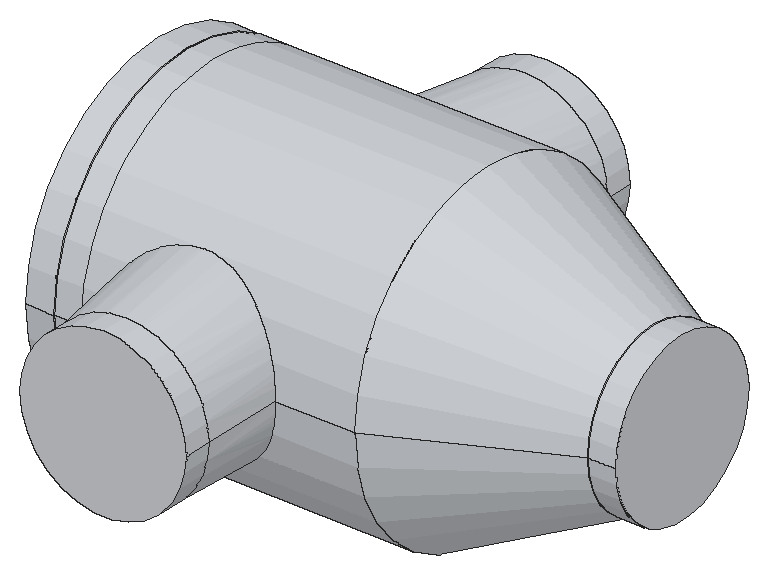
Revit family "1247470577164d45879d766d541ec680", category Duct Fittings, Revit 2021
Family settings
  Round Connector Dimension = Use Radius
  Part Type = Cross
  OmniClass Number = 23.75.70.14
  OmniClass Title = Air Ductwork
  Seek Item ID = Round Transition Low Loss Cross - 180 Degree - DTL-0000-USA-ENU
  Work Plane-Based = No
  Always vertical = Yes
  Cut with Voids When Loaded = No
  Shared = No
Parameters (values of type "Standard")
  Length 2 [instance] = if(Tap 2 Angle 1 < 90.00°, Tap 2 Base Center Radius / tan(Tap 2 Angle 1), if(Tap 2 Angle 1 = 90.00°, 0' 0", (Tap 2 Base Diameter - (Tap 2 Insertion Length 2 * sin(180.00° - Tap 2 Angle 1) + Tap 2 Radius)) / tan(180.00° - Tap 2 Angle 1)))  # 0"
  Length 1 [instance] = if(Tap 1 Angle 1 < 90.00°, Tap 1 Base Center Radius / tan(Tap 1 Angle 1), if(Tap 1 Angle 1 = 90.00°, 0' 0", (Tap 1 Base Diameter - (Tap 1 Insertion Length 2 * sin(180.00° - Tap 1 Angle 1) + Tap 1 Radius)) / tan(180.00° - Tap 1 Angle 1)))  # 0"
  Default Elevation = 0' - 0"
  Angle 2 [instance] = atan((Tap 2 Base Center Diameter - Tap 2 Base Diameter 1) / (Tap 2 Length 1 - Tap 2 Length))  # 9.46232°
  Angle 1 [instance] = atan((Tap 1 Base Center Diameter - Tap 1 Base Diameter 1) / (Tap 1 Length 1 - Tap 1 Length))  # 9.46232°
  Insertion Point Label [instance] = if(Tap 1 Insertion Length 1 > Tap 2 Insertion Length 1, (Tap 1 Insertion Length 1 - Tap 2 Insertion Length 1) / 2 + Tap 2 Insertion Length 1, (Tap 2 Insertion Length 1 - Tap 1 Insertion Length 1) / 2 + Tap 1 Insertion Length 1)  # 132"
  Tap 2 Insertion Length 1 [instance] = Tap 2 Inset Label + Tap 2 Insertion Length 2 + Tap 2 Length 3 - 10' 0" + 10' 0"  # 132"
  Tap 1 Insertion Length 1 [instance] = Tap 1 Inset Label + Tap 1 Insertion Length 2 + Tap 1 Length 3 - 10' 0" + 10' 0"  # 132"
  Tap 2 Length [instance] = 6"
  Tap 2 Inset Label [instance] = 10' 0" + if(Tap 2 Angle 1 < 90.00°, Tap 2 Inset 1, if(Tap 2 Angle 1 = 90.00°, Tap 2 Inset 2, Tap 2 Inset 3))  # 125 1/2"
  Tap 1 Inset Label [instance] = 10' 0" + if(Tap 1 Angle 1 < 90.00°, Tap 1 Inset 1, if(Tap 1 Angle 1 = 90.00°, Tap 1 Inset 2, Tap 1 Inset 3))  # 125 1/2"
  Tap 2 Inset 3 [instance] = if(Tap 2 Angle 1 > 90.00°, (Tap 2 Base Diameter 1 - Tap 2 Base Center Radius) / sin(180.00° - Tap 2 Angle 1) + Body Radius 1 / tan(180.00° - Tap 2 Angle 1), 0' 0")  # 0"
  Tap 2 Inset 2 [instance] = if(Tap 2 Angle 1 = 90.00°, Tap 2 Base Diameter 1 - Tap 2 Base Center Radius, 0' 0")  # 5 1/2"
  Tap 2 Inset 1 [instance] = if(Tap 2 Angle 1 < 90.00°, Tap 2 Base Center Diameter / 2 * sin(Tap 2 Angle 1) + Tap 2 Base Center Diameter / 2 * cos(Tap 2 Angle 1) / tan(Tap 2 Angle 1 - Angle 2) - Body Radius 1 / tan(Tap 2 Angle 1 - Angle 2), 0' 0")  # 0"
  Tap 1 Inset 3 [instance] = if(Tap 1 Angle 1 > 90.00°, (Tap 1 Base Diameter 1 - Tap 1 Base Center Radius) / sin(180.00° - Tap 1 Angle 1) + Body Radius 1 / tan(180.00° - Tap 1 Angle 1), 0' 0")  # 0"
  Tap 1 Inset 2 [instance] = if(Tap 1 Angle 1 = 90.00°, Tap 1 Base Diameter 1 - Tap 1 Base Center Radius, 0' 0")  # 5 1/2"
  Tap 2 Inset [instance] = 1"
  Tap 2 Collar Length [instance] = 2"
  Tap 2 Insertion Length 2 [instance] = if(Tap 2 Angle 1 = 90.00°, Tap 2 Base Center Radius - Tap 2 Radius, abs(Tap 2 Horizontal Profile Offset) / sin(Tap 2 Angle 1))  # 1 1/2"
  Tap 2 Horizontal Profile Offset [instance] = -(Tap 2 Base Center Radius - Tap 2 Radius)  # -1 1/2"
  Tap 1 Horizontal Profile Offset [instance] = Tap 1 Base Center Radius - Tap 1 Radius  # 1 1/2"
  Tap 1 Inset 1 [instance] = if(Tap 1 Angle 1 < 90.00°, Tap 1 Base Center Diameter / 2 * sin(Tap 1 Angle 1) + Tap 1 Base Center Diameter / 2 * cos(Tap 1 Angle 1) / tan(Tap 1 Angle 1 - Angle 1) - Body Radius 1 / tan(Tap 1 Angle 1 - Angle 1), 0' 0")  # 0"
  Tap 2 Radius [instance] = 6"
  Tap 2 Offset From Center 1 [instance] = 10' 0" - Tap 2 Offset From Center  # 120"
  Tap 2 Offset From Center [instance] = 0"
  Tap 2 Length 3 [instance] = Body Length 1 + Tap 2 Inset  # 5"
  Tap 2 Length 2 [instance] = Tap 2 Length 1 + Tap 2 Collar Length  # 20"
  Tap 2 Length 1 [instance] = Body Radius 1 / sin(Tap 2 Angle 1) + Tap 2 Length + Length 2  # 18"
  Tap 1 Length 3 [instance] = Body Length 1 + Tap 1 Inset  # 5"
  Tap 1 Inset [instance] = 1"
  Tap 1 Length 2 [instance] = Tap 1 Length 1 + Tap 1 Collar Length  # 20"
  Tap 1 Diameter 3 [instance] = if(Tap 1 Angle 1 > 90.00°, 2 * (Tap 1 Base Diameter 1 / 2 + (Tap 1 Base Diameter 1 - Tap 1 Diameter) * Body Radius 1 / (2 * sin(180.00° - Tap 1 Angle 1) * Tap 1 Length) + Tap 1 Base Diameter 1 * (Tap 1 Base Diameter 1 - Tap 1 Diameter) / (2 * tan(180.00° - Tap 1 Angle 1) * Tap 1 Length)) / (1 + (Tap 1 Base Diameter 1 - Tap 1 Diameter) / (2 * tan(180.00° - Tap 1 Angle 1) * Tap 1 Length)), 0' 0")  # 0"
  Tap 1 Diameter 2 [instance] = if(Tap 1 Angle 1 < 90.00°, 2 * (Tap 1 Base Diameter 1 / 2 + (Tap 1 Base Diameter 1 - Tap 1 Diameter) * Body Radius 1 / (2 * sin(Tap 1 Angle 1) * Tap 1 Length)) / (1 - (Tap 1 Base Diameter 1 - Tap 1 Diameter) / (2 * tan(Tap 1 Angle 1) * Tap 1 Length)), 0' 0")  # 0"
  Tap 1 Diameter 1 [instance] = if(Tap 1 Angle 1 = 90.00°, Body Radius 1 * tan(atan((Tap 1 Base Diameter 1 - Tap 1 Diameter) / Tap 1 Length)) + Tap 1 Base Diameter 1, 0' 0")  # 15"
  Tap 2 Diameter [instance] = Tap 2 Radius * 2  # 12"
  Tap 2 Diameter 3 [instance] = if(Tap 2 Angle 1 > 90.00°, 2 * (Tap 2 Base Diameter 1 / 2 + (Tap 2 Base Diameter 1 - Tap 2 Diameter) * Body Radius 1 / (2 * sin(180.00° - Tap 2 Angle 1) * Tap 2 Length) + Tap 2 Base Diameter 1 * (Tap 2 Base Diameter 1 - Tap 2 Diameter) / (2 * tan(180.00° - Tap 2 Angle 1) * Tap 2 Length)) / (1 + (Tap 2 Base Diameter 1 - Tap 2 Diameter) / (2 * tan(180.00° - Tap 2 Angle 1) * Tap 2 Length)), 0' 0")  # 0"
  Tap 2 Diameter 2 [instance] = if(Tap 2 Angle 1 < 90.00°, 2 * (Tap 2 Base Diameter 1 / 2 + (Tap 2 Base Diameter 1 - Tap 2 Diameter) * Body Radius 1 / (2 * sin(Tap 2 Angle 1) * Tap 2 Length)) / (1 - (Tap 2 Base Diameter 1 - Tap 2 Diameter) / (2 * tan(Tap 2 Angle 1) * Tap 2 Length)), 0' 0")  # 0"
  Tap 2 Diameter 1 [instance] = if(Tap 2 Angle 1 = 90.00°, Body Radius 1 * tan(atan((Tap 2 Base Diameter 1 - Tap 2 Diameter) / Tap 2 Length)) + Tap 2 Base Diameter 1, 0' 0")  # 15"
  Tap 2 Coarse Line Length [instance] = if(Tap 2 Angle 1 = 90.00°, Tap 2 Length 2, Tap 2 Length 2 - abs(Tap 2 Horizontal Profile Offset) / tan(Tap 2 Angle 1))  # 20"
  Body Radius 1 [instance] = if(Radius In > Radius Out, if(not(Body Radius < Radius In), Body Radius, Radius In), if(not(Body Radius < Radius Out), Body Radius, Radius Out))  # 12"
  Tap 1 Radius [instance] = 6"
  Radius Out [instance] = 6"
  Radius In [instance] = 12"
  Tap 1 Offset From Center 2 [instance] = if(Tap 1 Offset From Center = 0' 0", 0' 0 13/256", 0' 0 13/256")  # 13/256"
  Tap 1 Offset From Center 1 [instance] = 10' 0" - Tap 1 Offset From Center  # 120"
  Tap 1 Offset From Center [instance] = 0"
  Body Length 2 [instance] = Collar Out + Length Out 1  # 14"
  Length Out 1 [instance] = if(Length Out = 0' 0", 0' 0 1/16", Length Out)  # 12"
  Body Length 1 [instance] = Collar In + Length In 1  # 4"
  Length In 1 [instance] = if(Length In = 0' 0", 0' 0 1/16", Length In)  # 2"
  Collar Out [instance] = 2"
  Length Out [instance] = 12"
  Collar In [instance] = 2"
  Length In [instance] = 2"
  Tap 1 Length 1 [instance] = Body Radius 1 / sin(Tap 1 Angle 1) + Tap 1 Length + Length 1  # 18"
  Tap 1 Length [instance] = 6"
  Body Length [instance] = 19 3/4"
  Tap 1 Diameter [instance] = Tap 1 Radius * 2  # 12"
  Diameter Out [instance] = Radius Out * 2  # 12"
  Diameter In [instance] = Radius In * 2  # 24"
  Tap 1 Insertion Length 2 [instance] = if(Tap 1 Angle 1 = 90.00°, Tap 1 Base Center Radius - Tap 1 Radius, Tap 1 Horizontal Profile Offset / sin(Tap 1 Angle 1))  # 1 1/2"
  Tap 1 Coarse Line Length [instance] = if(Tap 1 Angle 1 = 90.00°, Tap 1 Length 2, Tap 1 Length 2 - Tap 1 Horizontal Profile Offset / tan(Tap 1 Angle 1))  # 20"
  Tap 1 Collar Length [instance] = 2"
  Tap 2 Base Radius 1 [instance] = if(Tap 2 Base Radius > Tap 2 Radius, Tap 2 Base Radius, Tap 2 Radius + 0' 1")  # 6 1/2"
  Tap 1 Base Radius 1 [instance] = if(Tap 1 Base Radius > Tap 1 Radius, Tap 1 Base Radius, Tap 1 Radius + 0' 1")  # 6 1/2"
  Body Radius [instance] = 12"
  Body Diameter [instance] = Body Radius * 2  # 24"
  Tap 2 Base Radius [instance] = 6 1/2"
  Tap 1 Base Radius [instance] = 6 1/2"
  Tap 2 Base Diameter 1 [instance] = Tap 2 Base Radius 1 * 2  # 13"
  Tap 1 Base Diameter 1 [instance] = Tap 1 Base Radius 1 * 2  # 13"
  Tap 2 Base Diameter [instance] = Tap 2 Base Radius * 2  # 13"
  Tap 1 Base Diameter [instance] = Tap 1 Base Radius * 2  # 13"
  Tap 2 Base Center Radius [instance] = Tap 2 Base Center Diameter / 2  # 7 1/2"
  Tap 1 Base Center Radius [instance] = Tap 1 Base Center Diameter / 2  # 7 1/2"
  Tap 2 Base Center Diameter [instance] = if(Tap 2 Angle 1 < 90.00°, Tap 2 Diameter 2, if(Tap 2 Angle 1 = 90.00°, Tap 2 Diameter 1, abs(Tap 2 Diameter 3)))  # 15"
  Tap 1 Base Center Diameter [instance] = if(Tap 1 Angle 1 < 90.00°, abs(Tap 1 Diameter 2), if(Tap 1 Angle 1 = 90.00°, abs(Tap 1 Diameter 1), abs(Tap 1 Diameter 3)))  # 15"
  Tap 2 Angle 1 [instance] = 90.00°
  Tap 1 Angle 1 [instance] = 90.00°
Reference planes (in)
  plane 1 "Center (Front/Back)": y = 0
  plane 2: z = 0
  plane 3 "Center (Left/Right)": x = 0
  plane 4: x = -8
  plane 5: x = 11.75
  plane 6: x = -10
  plane 7: x = -12
  plane 8: x = 23.75
  plane 9: x = 25.75
  plane 10: z = -120
  plane 11: z = 0
  plane 12: z = -0.05078
  plane 13: x = -1.5
  plane 14: x = -7
  plane 15: x = -127
  plane 16: z = 0
  plane 17: z = 0.05078
  plane 18: x = -1.5
  plane 19: x = -7
  plane 20: x = -127
  plane 21 "Coarse Line 1": x = 0
  plane 22 "Coarse Line 2": x = 0
  plane 23: x = -132
  plane 24: x = -9.96094
  plane 25: x = 23.71094
Forms (in)
  Sweep 1, solid, detail levels medium+fine
    path in 3D
      loop
        line (-12, 0, 0) -> (-9.96094, 0, 0)
    profile origin (-10.98047, 0, 0) x (0, 1, 0) y (0, 0, 1)
      loop
        circle (0, 0) r 12
  Sweep 2, solid, detail levels medium+fine
    path in 3D
      loop
        line (-8, 0, 0) -> (11.75, 0, 0)
    profile origin (1.875, 0, 0) x (0, 1, 0) y (0, 0, 1)
      loop
        circle (0, 0) r 12
  Sweep 3, solid, detail levels medium+fine
    path in 3D
      loop
        line (23.71094, 0, 0) -> (25.75, 0, 0)
    profile origin (24.73047, 0, 0) x (0, 1, 0) y (0, 0, 1)
      loop
        circle (0, 0) r 6
  SweptBlend 4, solid, detail levels medium+fine
    path in 3D
      loop
        line (-1.5, 0, 0) -> (-1.5, -18, 0)
    profile "Duct - Round : Duct - Base Center Radius 3" origin (-1.5, 0, 0) x (1, 0, 0) y (0, 0, 1)
      loop
        circle (0, 0) r 7.5
    end profile "Duct - Round : Duct - Round 3" origin (-1.5, -18, 0) x (1, 0, 0) y (0, 0, 1)
      loop
        circle (1.5, 0) r 6
  Sweep 5, solid, detail levels medium+fine
    path in 3D
      loop
        line (-1.5, 0, 0) -> (-1.5, -20, 0)
    profile "Duct - Round : Duct - Round 3" origin (-1.5, -10, 0) x (1, 0, 0) y (0, 0, 1)
      loop
        circle (1.5, 0) r 6
  SweptBlend 6, solid, detail levels medium+fine
    path in 3D
      loop
        line (-1.5, 0, 0) -> (-1.5, 18, 0)
    profile "Duct - Round : Duct - Base Center Radius 4" origin (-1.5, 0, 0) x (-1, 0, 0) y (0, 0, 1)
      loop
        circle (0, 0) r 7.5
    end profile "Duct - Round : Duct - Round 4" origin (-1.5, 18, 0) x (-1, 0, 0) y (0, 0, 1)
      loop
        circle (-1.5, 0) r 6
  Sweep 7, solid, detail levels medium+fine
    path in 3D
      loop
        line (-1.5, 0, 0) -> (-1.5, 20, 0)
    profile "Duct - Round : Duct - Round 4" origin (-1.5, 10, 0) x (-1, 0, 0) y (0, 0, 1)
      loop
        circle (-1.5, 0) r 6
  Blend 8, solid, detail levels medium+fine
    base sketch origin (0, 0, 0) x (0, 1, 0) y (0, 0, 1)
      loop
        circle (0, 0) r 12
    top sketch origin (0, 0, 0) x (0, 1, 0) y (0, 0, 1)
      loop
        circle (0, 0) r 12
    from -10 to -8
  Blend 9, solid, detail levels medium+fine
    base sketch origin (0, 0, 0) x (0, 1, 0) y (0, 0, 1)
      loop
        circle (0, 0) r 6
    top sketch origin (0, 0, 0) x (0, 1, 0) y (0, 0, 1)
      loop
        circle (0, 0) r 12
    from 23.75 to 11.75
Cuts and joins
  joined: Sweep 2, SweptBlend 4, Sweep 5, SweptBlend 6, Sweep 7, Blend 8, Blend 9
Lines and regions (in)
  reference lines
    curve 1: line (-12, 0, 0) -> (-9.96094, 0, 0)
    curve 2: line (23.71094, 0, 0) -> (25.75, 0, 0)
    curve 3: line (-8, 0, 0) -> (11.75, 0, 0)
    curve 7: line (-1.5, 0, 0) -> (-1.5, -18, 0)
    curve 9: line (-1.5, 0, 0) -> (-1.5, -20, 0)
    curve 12: line (-1.5, 0, 0) -> (-1.5, 18, 0)
    curve 15: line (-1.5, 0, 0) -> (-1.5, 20, 0)
  sketch lines
    curve 4: line (-12, 0, 0) -> (-9.96094, 0, 0)
    curve 5: line (-8, 0, 0) -> (11.75, 0, 0)
    curve 6: line (23.71094, 0, 0) -> (25.75, 0, 0)
    curve 8: line (-1.5, 0, 0) -> (-1.5, -18, 0)
    curve 10: line (-1.5, 0, 0) -> (-1.5, -20, 0)
    curve 13: line (-1.5, 0, 0) -> (-1.5, 18, 0)
    curve 16: line (-1.5, 0, 0) -> (-1.5, 20, 0)
  model lines, detail levels coarse
    curve 11: line (-12, 0, 0) -> (25.75, 0, 0)
    curve 14: line (0, 0, 0) -> (0, 20, 0)
    curve 17: line (0, 0, 0) -> (0, -20, 0)
    curve 18: line (0, 0, 0) -> (0, 0, -0.05078)
    curve 19: line (0, 0, 0.05078) -> (0, 0, 0)
Dimensions and locks (in)
  "Body Length": plane 4 to plane 5
  "Length In 1": plane 6 to plane 4
  "Body Length 1": plane 7 to plane 4
  "Length Out 1": plane 5 to plane 8
  "Body Length 2": plane 5 to plane 9
  locked: plane 2 to plane 10 at 120
  "Tap 1 Offset From Center 1": plane 11 to plane 10
  "Tap 1 Offset From Center 2": plane 11 to plane 12
  "Tap 1 Length 1": curve 7 to curve 7
  "Tap 1 Length 3": plane 7 to plane 14
  locked: plane 15 to plane 14 at 120
  "Tap 1 Inset Label": plane 15 to plane 13
  "Tap 1 Length 2": curve 9 to curve 9
  "Tap 1 Offset From Center 2": plane 17 to plane 16
  "Tap 2 Offset From Center 1": plane 16 to plane 10
  "Tap 2 Length 1": curve 12 to curve 12
  "Tap 2 Length 3": plane 7 to plane 19
  locked: plane 20 to plane 19 at 120
  "Tap 2 Inset Label": plane 20 to plane 18
  "Tap 1 Insertion Length 2": plane 13 to plane 21 "Coarse Line 1"
  "Tap 2 Insertion Length 2": plane 18 to plane 22 "Coarse Line 2"
  "Tap 2 Coarse Line Length": curve 14 to curve 14
  "Tap 2 Length 2": curve 15 to curve 15
  locked: plane 23 to plane 7 at 120
  "Insertion Point Label": plane 23 to plane 3 "Center (Left/Right)"
  "Tap 1 Coarse Line Length": curve 17 to curve 17
  locked: plane 6 to plane 24 at 0.03906
  locked: plane 25 to plane 8 at 0.03906
  "Radius In": radius of Sweep 1 sketch curve
  "Body Radius 1": radius of Sweep 2 sketch curve
  "Radius Out": radius of Sweep 3 sketch curve
  "Radius In": radius of Blend 8 sketch curve
  "Body Radius 1": radius of Blend 8 sketch curve
  "Radius Out": radius of Blend 9 sketch curve
  "Body Radius 1": radius of Blend 9 sketch curve
  "Tap 1 Angle 1": angle curve 7 to plane 1 "Center (Front/Back)"
  "Tap 1 Angle 1": angle curve 9 to plane 1 "Center (Front/Back)"
  "Tap 2 Angle 1": angle plane 1 "Center (Front/Back)" to curve 12
  "Tap 2 Angle 1": angle plane 1 "Center (Front/Back)" to curve 14
  "Tap 2 Angle 1": angle plane 1 "Center (Front/Back)" to curve 15
  "Tap 1 Angle 1": angle curve 17 to plane 1 "Center (Front/Back)"
  aligned and locked: plane 7 to curve 1
  aligned and locked: plane 1 "Center (Front/Back)" to curve 1
  aligned and locked: plane 9 to curve 2
  aligned and locked: plane 1 "Center (Front/Back)" to curve 2
  aligned and locked: plane 5 to curve 3
  aligned and locked: plane 1 "Center (Front/Back)" to curve 3
  aligned and locked: plane 1 "Center (Front/Back)" to curve 7
  aligned and locked: plane 13 to curve 9
  aligned and locked: plane 9 to curve 11
  aligned and locked: plane 7 to curve 11
  aligned and locked: plane 1 "Center (Front/Back)" to curve 11
  aligned and locked: plane 1 "Center (Front/Back)" to curve 12
  aligned and locked: plane 18 to curve 12
  aligned and locked: plane 22 "Coarse Line 2" to curve 14
  aligned and locked: plane 1 "Center (Front/Back)" to curve 14
  aligned and locked: plane 21 "Coarse Line 1" to curve 17
  aligned and locked: plane 1 "Center (Front/Back)" to curve 17
  aligned and locked: plane 12 to curve 18
  aligned and locked: plane 2 to curve 18
  aligned and locked: curve 18 to plane 1 "Center (Front/Back)"
  aligned and locked: plane 2 to curve 19
  aligned and locked: plane 17 to curve 19
  aligned and locked: curve 19 to plane 1 "Center (Front/Back)"
  aligned and locked: Blend 8 to plane 6
  aligned and locked: plane 4 to Blend 8
  aligned and locked: plane 8 to Blend 9
  aligned and locked: Blend 9 to plane 5
  aligned and locked: plane 24 to curve 1
  aligned and locked: plane 25 to curve 2
Automatic sketch dimensions
  Sweep 1 sketch curve to profile plane = 0' - 0"  (x2)
  Sweep 2 sketch curve to profile plane = 0' - 0"  (x2)
  Sweep 3 sketch curve to profile plane = 0' - 0"  (x2)
  Blend 8 sketch curve to level = 0' - 0"  (x2)
  Blend 8 sketch curve to plane 1 "Center (Front/Back)" = 0' - 0"  (x2)
  Blend 9 sketch curve to level = 0' - 0"  (x2)
  Blend 9 sketch curve to plane 1 "Center (Front/Back)" = 0' - 0"  (x2)
  curve 3 to plane 4 = 0' - 0"
Connectors (in)
  hvac at (-12, 0, 0), driven by "Radius In"
    settings: on Sweep 1, index 1, duct flow 0 CFM, flow factor 0, pres drop 0.00 in-wg, loss coef 0, conn angle 0.00°, conn width 12", conn height 12", conn diameter 24", duct sys type 28, conn prof type 0, flow config 0, flow direction 0, loss method 0, conn ref index 2, conn util no, is conn primary yes, conn desc ""
  hvac at (25.75, 0, 0), driven by "Radius Out"
    settings: on Sweep 3, index 2, duct flow 0 CFM, flow factor 0, pres drop 0.00 in-wg, loss coef 0, conn angle 0.00°, conn width 12", conn height 12", conn diameter 12", duct sys type 28, conn prof type 0, flow config 0, flow direction 0, loss method 0, conn ref index 1, conn util no, is conn primary no, conn desc ""
  hvac at (0, -20, 0), driven by "Tap 1 Radius", driven by "Tap 1 Angle 1"
    settings: on cut or joined group of Sweep 2, SweptBlend 4, Sweep 5, SweptBlend 6, Sweep 7, Blend 8, Blend 9, index 3, duct flow 0 CFM, flow factor 0, pres drop 0.00 in-wg, loss coef 0, conn angle 90.00°, conn width 12", conn height 12", conn diameter 12", duct sys type 28, conn prof type 0, flow config 0, flow direction 0, loss method 0, conn ref index -1, conn util no, is conn primary no, conn desc ""
  hvac at (0, 20, 0), driven by "Tap 2 Radius", driven by "Tap 2 Angle 1"
    settings: on cut or joined group of Sweep 2, SweptBlend 4, Sweep 5, SweptBlend 6, Sweep 7, Blend 8, Blend 9, index 4, duct flow 0 CFM, flow factor 0, pres drop 0.00 in-wg, loss coef 0, conn angle 90.00°, conn width 12", conn height 12", conn diameter 12", duct sys type 28, conn prof type 0, flow config 0, flow direction 0, loss method 0, conn ref index -1, conn util no, is conn primary no, conn desc ""
